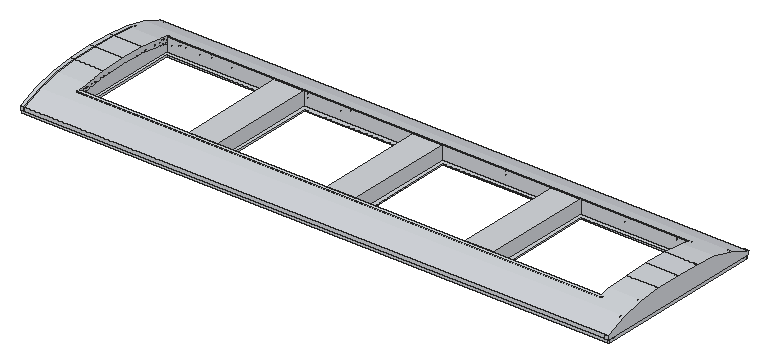
Revit family "Gira_021471", category Electrical Fixtures, host Face, Revit 2017
Family settings
  Host = Face
  Maintain Annotation Orientation = No
  Round Connector Dimension = Use Diameter
  Part Type = Normal
  Cut with Voids When Loaded = No
  Shared = No
  Room Calculation Point = No
Parameters (values of type "Cov.fr. 4-g interm.fr. CAl Gira Event p.white m")
  With mounting grid = "No"
  With hinged lid = "No"
  URL = "http://katalog.gira.de/en/datenblatt.html?artikelnr=021471"
  Type of fastening = "Clamp mounting"
  Transparent = "No"
  Surface protection = "Other"
  Suitable for wall duct = "No"
  Suitable for flush-mounted installation = "Yes"
  Suitable for floor box = "No"
  Suitable for built-in installation = "No"
  Number of units vertical = "4"
  Number of units horizontal = "4"
  Number of units = "4"
  Name = "Cov.fr. 4-g interm.fr. CAl Gira Event p.white m"
  Mounting direction = "Horizontal and vertical"
  Material quality = "Thermoplastic"
  Material = "Plastic"
  Manufacturer URL = "https://www.gira.de/"
  Manufacturer = "Gira"
  Label space/information surface = "No"
  Keynote = ""
  HeinzeBIM = "https://bimportal.heinze.de/bim/cov-fr-4-g-interm-fr-cal-gira-event-p-white-m/c332af8ab6f8d3d755ceb0473b99c52dae5da1ca"
  Halogen free = "Yes"
  HAN = "021471"
  GTIN = "4010337214717"
  Description = "Cov.fr.4g i.fr.CAl Event PWm,Gira Event frames,pure white matt with colour aluminium intermediate frame,4-gang,Features:,- Shatter-proof."
  Degree of protection (IP) = "IP20"
  Default Elevation = 1219.2 mm
  Data sheet (1) = "https://katalog.gira.de/en/download.html?artikelnr=021471"
  Colour = "White"
  Category = "Cover frame for domestic switching devices"
  BIM (1) = "https://media.stage.bim.site/public/gira/36a6b08/Event_Rahmen_4fach.rfa"
  Available = "No"
Reference planes
  plane 1 "Center (Front/Back)": y = 0
  plane 2: z = 0
  plane 3 "Center (Left/Right)": x = 0
Forms (mm)
  Extrusion 1, solid, detail levels fine
    sketch origin (0, 0, 0.05) x (0, 1, 0) y (0, 0, 1)
      loop
        arc (12.445, 9.683) -> (6.223, 9.833) -> (0, 9.85) r 291.636
        arc (0, 9.85) -> (-6.223, 9.833) -> (-12.445, 9.683) r 291.636
        arc (-12.445, 9.683) -> (-29.14, 7.482) -> (-45, 1.823) r 79.728
        line (-45, 1.823) -> (-45, -0.05) -> (-42.086, -0.05)
        arc (-42.086, -0.05) -> (-21.385, 5.559) -> (0, 7.206) r 114.424
        arc (0, 7.206) -> (21.385, 5.559) -> (42.086, -0.05) r 114.424
        line (42.086, -0.05) -> (45, -0.05) -> (45, 1.823)
        arc (45, 1.823) -> (29.14, 7.482) -> (12.445, 9.683) r 79.728
    from -151.95 to 151.935
  Extrusion 2, void, detail levels fine
    sketch origin (0, 0, 0) x (1, 0, 0) y (0, 1, 0)
      loop
        line (134.95, 28.035) -> (-134.95, 28.035) -> (-134.95, -28.035) -> (134.95, -28.035) -> (134.95, 28.035)
    from 0.724 to 11
  Extrusion 3, solid, detail levels coarse
    sketch origin (0, 0, 0) x (1, 0, 0) y (0, 1, 0)
      loop
        line (-151.95, 45) -> (-151.95, -45) -> (151.935, -45) -> (151.935, 45) -> (-151.95, 45)
    from -1.5 to 9.9
  Extrusion 4, solid, detail levels medium
    sketch origin (0, 0, 0.05) x (0, 1, 0) y (0, 0, 1)
      loop
        arc (12.445, 9.683) -> (6.223, 9.833) -> (0, 9.85) r 291.636
        arc (0, 9.85) -> (-6.223, 9.833) -> (-12.445, 9.683) r 291.636
        arc (-12.445, 9.683) -> (-29.14, 7.482) -> (-45, 1.823) r 79.728
        line (-45, 1.823) -> (-45, -0.05) -> (45, -0.05) -> (45, 1.823)
        arc (45, 1.823) -> (29.14, 7.482) -> (12.445, 9.683) r 79.728
    from -151.95 to 151.935
  Extrusion 5, solid, detail levels fine
    sketch origin (-106.95, 0, -1.5) x (0, 1, 0) y (0, 0, -1)
      loop
        line (45, -3.373) -> (45, -1.5) -> (-45, -1.5) -> (-45, -3.373)
        arc (-45, -3.373) -> (-29.14, -9.032) -> (-12.445, -11.233) r 79.728
        arc (-12.445, -11.233) -> (-6.223, -11.383) -> (0, -11.4) r 291.636
        arc (0, -11.4) -> (6.223, -11.383) -> (12.445, -11.233) r 291.636
        arc (12.445, -11.233) -> (29.14, -9.032) -> (45, -3.373) r 79.728
    from 43 to 45
  Extrusion 6, solid, detail levels fine
    sketch origin (0, 0, 0) x (1, 0, 0) y (0, 1, 0)
      loop
        line (-132.85, 25.7) -> (-132.85, -25.7) -> (-81.05, -25.7) -> (-81.05, 25.7) -> (-132.85, 25.7)
      loop
        line (-9.755, -25.7) -> (-9.755, 25.7) -> (-61.555, 25.7) -> (-61.555, -25.7) -> (-9.755, -25.7)
      loop
        line (-135.845, 28.49) -> (-135.845, -28.495)
        spline (-135.845, -28.495) -> (-135.836, -28.625) -> (-135.811, -28.754) -> (-135.769, -28.878) -> (-135.711, -28.995) -> (-135.638, -29.104) -> (-135.552, -29.202) -> (-135.454, -29.288) -> (-135.345, -29.361) -> (-135.228, -29.419) -> (-135.104, -29.461) -> (-134.975, -29.486) -> (-134.845, -29.495)
        line (-134.845, -29.495) -> (134.845, -29.495)
        spline (134.845, -29.495) -> (134.975, -29.486) -> (135.104, -29.461) -> (135.228, -29.419) -> (135.345, -29.361) -> (135.454, -29.288) -> (135.552, -29.202) -> (135.638, -29.104) -> (135.711, -28.995) -> (135.769, -28.878) -> (135.811, -28.754) -> (135.836, -28.625) -> (135.845, -28.495)
        line (135.845, -28.495) -> (135.845, 28.49)
        spline (135.845, 28.49) -> (135.836, 28.62) -> (135.811, 28.748) -> (135.769, 28.872) -> (135.711, 28.99) -> (135.638, 29.098) -> (135.552, 29.197) -> (135.454, 29.283) -> (135.345, 29.356) -> (135.228, 29.413) -> (135.104, 29.456) -> (134.975, 29.481) -> (134.845, 29.49)
        line (134.845, 29.49) -> (-134.845, 29.49)
        spline (-134.845, 29.49) -> (-134.975, 29.481) -> (-135.104, 29.456) -> (-135.228, 29.413) -> (-135.345, 29.356) -> (-135.454, 29.283) -> (-135.552, 29.197) -> (-135.638, 29.098) -> (-135.711, 28.99) -> (-135.769, 28.872) -> (-135.811, 28.748) -> (-135.836, 28.62) -> (-135.845, 28.49)
      loop
        line (61.545, -25.7) -> (61.545, 25.7) -> (9.745, 25.7) -> (9.745, -25.7) -> (61.545, -25.7)
      loop
        line (132.85, -25.7) -> (132.85, 25.7) -> (81.05, 25.7) -> (81.05, -25.7) -> (132.85, -25.7)
    from 0.1 to 7.3
  Extrusion 7, solid
    sketch origin (0, 0, 0) x (1, 0, 0) y (0, 1, 0)
      loop
        arc (-151.65, -44.218) -> (-151.504, -44.572) -> (-151.15, -44.718) r 0.5
        line (-151.15, -44.718) -> (151.15, -44.718)
        arc (151.15, -44.718) -> (151.504, -44.572) -> (151.65, -44.218) r 0.5
        line (151.65, -44.218) -> (151.65, 44.182)
        arc (151.65, 44.182) -> (151.504, 44.535) -> (151.15, 44.682) r 0.5
        line (151.15, 44.682) -> (-151.15, 44.682)
        arc (-151.15, 44.682) -> (-151.504, 44.535) -> (-151.65, 44.182) r 0.5
        line (-151.65, 44.182) -> (-151.65, -44.218)
      loop
        line (-149.95, 42.982) -> (-149.95, -43.018) -> (149.95, -43.018) -> (149.95, 42.982) -> (-149.95, 42.982)
    from -1.5 to 0.5
  Extrusion 8, solid, detail levels fine
    sketch origin (106.935, 0, -1.5) x (0, 1, 0) y (0, 0, 1)
      loop
        arc (45, 3.373) -> (29.14, 9.032) -> (12.445, 11.233) r 79.728
        arc (12.445, 11.233) -> (6.223, 11.383) -> (0, 11.4) r 291.636
        arc (0, 11.4) -> (-6.223, 11.383) -> (-12.445, 11.233) r 291.636
        arc (-12.445, 11.233) -> (-29.14, 9.032) -> (-45, 3.373) r 79.728
        line (-45, 3.373) -> (-45, 1.5) -> (45, 1.5) -> (45, 3.373)
    from 43 to 45
  Extrusion 9, solid, detail levels medium
    sketch origin (0, 0, 0) x (1, 0, 0) y (0, 1, 0)
      loop
        line (-151.65, -44.718) -> (151.65, -44.718) -> (151.65, 44.682) -> (-151.65, 44.682) -> (-151.65, -44.718)
    from -1.5 to 0.5
  Extrusion 10, solid, detail levels fine
    sketch origin (-69.857, 0, 0) x (1, 0, 0) y (0, 1, 0)
      loop
        line (-8.943, 28.063) -> (-8.943, -27.937) -> (6.057, -27.937) -> (6.057, 28.063) -> (-8.943, 28.063)
    from 0.724 to 7.566
  Extrusion 11, solid, detail levels fine
    sketch origin (-1.443, 0, 0) x (-1, 0, 0) y (0, -1, 0)
      loop
        line (-8.943, -28.063) -> (6.057, -28.063) -> (6.057, 27.937) -> (-8.943, 27.937) -> (-8.943, -28.063)
    from 0.724 to 7.566
  Extrusion 12, solid, detail levels fine
    sketch origin (69.857, 0, 0) x (-1, 0, 0) y (0, -1, 0)
      loop
        line (-8.943, -28.063) -> (6.057, -28.063) -> (6.057, 27.937) -> (-8.943, 27.937) -> (-8.943, -28.063)
    from 0.724 to 7.566
Cuts and joins
  Extrusion 2 cuts Extrusion 1
  Extrusion 2 cuts Extrusion 6
Dimensions and locks
  aligned and locked: plane 2 to host face
  aligned and locked: level to host face
